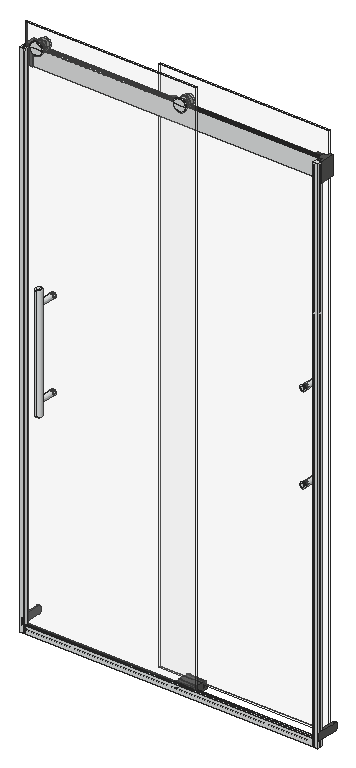
Revit family "Shower-Shower_Door-KOHLER-Levity_Plus-K-702427_1", category Specialty Equipment, host Face, Revit 2022 (continued)
Definition of nested family "K-702427"
  Dimensions and locks (in)
    locked: plane 7 to plane 9 "E" at 3.28921
    locked: plane 18 "C" to plane 9 "E" at 1.75
    locked: plane 8 to plane 20 at 0.34046
    locked: plane 19 "D" to plane 9 "E" at 25.2506
    locked: plane 6 to plane 16 at 2.02611
    locked: plane 15 to plane 5 at 1.98177
    plane 22 to level = 77.55906"
    plane 8 to plane 23 = 44.64512"
    plane 3 "Center (Left/Right)" to plane 23 = 25.79766"
    locked: plane 24 "T" to plane 9 "E" at 19.87646
    locked: plane 3 "Center (Left/Right)" to plane 23 at 25.79766
    plane 26 to level = 81.61417"
    plane 1 "Center (Front/Back)" to plane 27 = 4.98031"
    plane 27 to plane 28 = 0.4252"
    plane 27 to plane 14 = 7.08661"
    plane 14 to plane 17 = 0.44488"
    plane 30 to level = 75.66929"
    plane 31 to plane 30 = 2.55906"
    aligned and locked: plane 2 to level
    aligned and locked: plane 7 to Extrusion 5
    aligned and locked: plane 7 to Extrusion 8
    aligned and locked: plane 8 to Extrusion 18 sketch curve
    aligned and locked: plane 8 to Extrusion 19
    aligned and locked: plane 20 to Extrusion 19
    aligned and locked: plane 7 to Extrusion 20 sketch curve
    aligned and locked: plane 8 to Extrusion 20 sketch curve
    aligned and locked: plane 20 to Extrusion 22 sketch curve
    aligned and locked: Masking region 1 sketch curve to plane 8
    aligned and locked: Masking region 1 sketch curve to plane 7
    aligned and locked: plane 7 to Extrusion 31
    aligned and locked: Masking region 2 sketch curve to Extrusion 10
    aligned and locked: plane 20 to Masking region 3 sketch curve  (x2)
    aligned and locked: Masking region 3 sketch curve to Extrusion 18
    aligned and locked: plane 7 to Masking region 3 sketch curve  (x2)
    aligned and locked: plane 8 to Masking region 3 sketch curve
    aligned and locked: Extrusion 18 to Masking region 3 sketch curve
    aligned and locked: Masking region 4 sketch curve to Revolve 13
    aligned and locked: plane 20 to Masking region 4 sketch curve
    aligned and locked: Masking region 4 sketch curve to Revolve 14  (x2)
    aligned and locked: plane 7 to curve 162
    aligned and locked: curve 163 to Extrusion 18
    aligned and locked: Masking region 4 sketch curve to Extrusion 22
    aligned and locked: Masking region 4 to curve 190
    aligned and locked: curve 190 to Masking region 4
    aligned and locked: Masking region 4 to curve 192
    aligned and locked: curve 192 to Masking region 4
    aligned and locked: Extrusion 33 sketch curve to cut or joined group of Extrusion 20, Extrusion 21, Extrusion 33  (x4)
    aligned and locked: Extrusion 33 to Extrusion 24
  Automatic sketch dimensions
    Extrusion 1 sketch curve to Extrusion 1 sketch curve = 0.03079"
    Extrusion 1 sketch curve to Extrusion 1 sketch curve = 0.2541"
    Extrusion 1 sketch curve to Extrusion 1 sketch curve = 0.25668"
    Extrusion 1 sketch curve to Extrusion 1 sketch curve = 0.0315"  (x2)
    Extrusion 1 sketch curve to Extrusion 1 sketch curve = 0.60218"
    Extrusion 1 sketch curve to Extrusion 1 sketch curve = 0.03039"
    Extrusion 1 sketch curve to plane 1 "Center (Front/Back)" = 0.35413"
    Extrusion 1 sketch curve to Extrusion 1 sketch curve = 0.47171"
    Extrusion 1 sketch curve to Extrusion 1 sketch curve = 1.10192"
    Extrusion 1 sketch curve to Extrusion 1 sketch curve = 0.00743"
    Extrusion 1 sketch curve to Extrusion 1 sketch curve = 0.34229"
    plane 1 "Center (Front/Back)" to Extrusion 2 sketch curve = 0"  (x2)
    Extrusion 2 sketch curve to Extrusion 2 sketch curve = 0.04131"
    Extrusion 2 sketch curve to Extrusion 2 sketch curve = 0.09136"
    Extrusion 2 sketch curve to Extrusion 2 sketch curve = 0.19461"  (x2)
    Extrusion 2 sketch curve to Extrusion 2 sketch curve = 0.14115"  (x2)
    plane 1 "Center (Front/Back)" to Extrusion 2 sketch curve = 0.32797"
    Extrusion 2 sketch curve to Extrusion 2 sketch curve = 0.00361"  (x2)
    Extrusion 2 sketch curve to Extrusion 2 sketch curve = 0.10339"
    plane 1 "Center (Front/Back)" to Extrusion 2 sketch curve = 0.30702"
    Extrusion 2 sketch curve to Extrusion 2 sketch curve = 0.03454"  (x2)
    Extrusion 2 sketch curve to Extrusion 2 sketch curve = 0.01994"  (x2)
    Extrusion 2 sketch curve to Extrusion 2 sketch curve = 0.04271"  (x2)
    Extrusion 2 sketch curve to Extrusion 2 sketch curve = 0.06265"
    Extrusion 2 sketch curve to plane 1 "Center (Front/Back)" = 0.20982"
    Extrusion 2 sketch curve to Extrusion 2 sketch curve = 0"
    Extrusion 2 sketch curve to plane 1 "Center (Front/Back)" = 0.22464"
    Extrusion 3 sketch curve to Extrusion 3 sketch curve = 0.05752"  (x2)
    plane 1 "Center (Front/Back)" to Extrusion 3 sketch curve = 0.32797"
    Extrusion 3 sketch curve to Extrusion 3 sketch curve = 0.59999"  (x2)
    Extrusion 3 sketch curve to Extrusion 3 sketch curve = 0.00361"  (x2)
    Extrusion 3 sketch curve to Extrusion 3 sketch curve = 0.10339"
    plane 1 "Center (Front/Back)" to Extrusion 3 sketch curve = 0.30702"
    Extrusion 3 sketch curve to Extrusion 3 sketch curve = 0.05449"  (x2)
    Extrusion 3 sketch curve to plane 1 "Center (Front/Back)" = 0.22464"
    Extrusion 3 sketch curve to plane 1 "Center (Front/Back)" = 0.25253"
    plane 1 "Center (Front/Back)" to Extrusion 4 sketch curve = 0.20982"
    Extrusion 4 sketch curve to Extrusion 4 sketch curve = 0.01972"
    Extrusion 4 sketch curve to Extrusion 4 sketch curve = 0.25882"
    level to Extrusion 4 sketch curve = 1.05663"
    Extrusion 4 sketch curve to Extrusion 4 sketch curve = 0.57809"
    Extrusion 5 sketch curve to level = 0"
    Extrusion 5 sketch curve to plane 1 "Center (Front/Back)" = 0"
    plane 1 "Center (Front/Back)" to Extrusion 5 sketch curve = 0.19878"
    Extrusion 5 sketch curve to plane 1 "Center (Front/Back)" = 3/128"
    Extrusion 5 sketch curve to Extrusion 5 sketch curve = 0.04434"
    Extrusion 5 sketch curve to Extrusion 5 sketch curve = 0.04019"
    Extrusion 5 sketch curve to Extrusion 5 sketch curve = 0.07819"
    Extrusion 5 sketch curve to Extrusion 5 sketch curve = 0.0297"
    Extrusion 5 sketch curve to Extrusion 5 sketch curve = 0.02696"
    level to Extrusion 5 sketch curve = 0.07959"
    Extrusion 5 sketch curve to plane 1 "Center (Front/Back)" = 0.14319"
    Extrusion 5 sketch curve to Extrusion 5 sketch curve = 0.05652"
    Extrusion 5 sketch curve to Extrusion 5 sketch curve = 0.06857"
    Extrusion 5 sketch curve to Extrusion 5 sketch curve = 0.02971"
    Extrusion 5 sketch curve to Extrusion 5 sketch curve = 0.03753"
    Extrusion 5 sketch curve to Extrusion 5 sketch curve = 0.02998"
    Extrusion 5 sketch curve to Extrusion 5 sketch curve = 45/128"
    Extrusion 5 sketch curve to Extrusion 5 sketch curve = 0.34333"
    Extrusion 5 sketch curve to Extrusion 5 sketch curve = 0.07224"
    Extrusion 5 sketch curve to Extrusion 5 sketch curve = 0.01101"
    Extrusion 5 sketch curve to Extrusion 5 sketch curve = 15/128"
    Extrusion 5 sketch curve to Extrusion 5 sketch curve = 0.50603"
    Extrusion 5 sketch curve to Extrusion 5 sketch curve = 0.00157"
    Extrusion 5 sketch curve to Extrusion 5 sketch curve = 0.02425"
    Extrusion 5 sketch curve to Extrusion 5 sketch curve = 0.01999"
    Extrusion 5 sketch curve to Extrusion 5 sketch curve = 0.04542"
    Extrusion 5 sketch curve to Extrusion 5 sketch curve = 0.01816"
    Revolve 6 sketch curve to plane 13 = 0"  (x2)
    Revolve 6 sketch curve to plane 1 "Center (Front/Back)" = 1.79905"
    Revolve 6 sketch curve to Revolve 6 sketch curve = 0.36643"
    Revolve 6 sketch curve to Revolve 6 sketch curve = 0.18701"  (x2)
    Revolve 6 sketch curve to Revolve 6 sketch curve = 0.13646"
    Revolve 6 sketch curve to Revolve 6 sketch curve = 0.19685"  (x2)
    Revolve 6 sketch curve to Revolve 6 sketch curve = 0.35769"
    Revolve 6 sketch curve to plane 1 "Center (Front/Back)" = 0.06827"
    Revolve 6 sketch curve to plane 1 "Center (Front/Back)" = 0.02811"
    plane 1 "Center (Front/Back)" to Revolve 6 sketch curve = 0.09751"
    Revolve 6 sketch curve to Revolve 6 sketch curve = 0.04293"
    plane 13 to Revolve 6 sketch curve = 0.4638"
    plane 13 to Revolve 6 sketch curve = 0.47661"
    Revolve 6 sketch curve to Revolve 6 sketch curve = 0.05951"
    Revolve 6 sketch curve to Revolve 6 sketch curve = 0.21742"
    Revolve 6 sketch curve to Revolve 6 sketch curve = 0.26917"
    Revolve 6 sketch curve to Revolve 6 sketch curve = 0.05219"
    Revolve 6 sketch curve to Revolve 6 sketch curve = 0.23207"
    Revolve 6 sketch curve to Revolve 6 sketch curve = 0.00276"
    Revolve 6 sketch curve to Revolve 6 sketch curve = 0.04017"
    Revolve 6 sketch curve to Revolve 6 sketch curve = 0.98425"
    Revolve 6 sketch curve to Revolve 6 sketch curve = 0"
    Revolve 7 sketch curve to plane 12 = 5.51575"  (x2)
    Revolve 7 sketch curve to plane 1 "Center (Front/Back)" = 1.79905"
    Revolve 7 sketch curve to Revolve 7 sketch curve = 0.36643"
    Revolve 7 sketch curve to Revolve 7 sketch curve = 0.18701"  (x2)
    Revolve 7 sketch curve to Revolve 7 sketch curve = 0.13646"
    Revolve 7 sketch curve to Revolve 7 sketch curve = 0.19685"  (x2)
    Revolve 7 sketch curve to Revolve 7 sketch curve = 0.35769"
    Revolve 7 sketch curve to plane 1 "Center (Front/Back)" = 0.06827"
    Revolve 7 sketch curve to plane 1 "Center (Front/Back)" = 0.02811"
    plane 1 "Center (Front/Back)" to Revolve 7 sketch curve = 0.09751"
    Revolve 7 sketch curve to Revolve 7 sketch curve = 0.04293"
    Revolve 7 sketch curve to plane 12 = 5.05195"
    Revolve 7 sketch curve to plane 12 = 5.03914"
    Revolve 7 sketch curve to Revolve 7 sketch curve = 0.05951"
    Revolve 7 sketch curve to Revolve 7 sketch curve = 0.21742"
    Revolve 7 sketch curve to Revolve 7 sketch curve = 0.26917"
    Revolve 7 sketch curve to Revolve 7 sketch curve = 0.05219"
    Revolve 7 sketch curve to Revolve 7 sketch curve = 0.23207"
    Revolve 7 sketch curve to Revolve 7 sketch curve = 0.00276"
    Revolve 7 sketch curve to Revolve 7 sketch curve = 0.04017"
    Revolve 7 sketch curve to Revolve 7 sketch curve = 0.98425"
    Revolve 7 sketch curve to Revolve 7 sketch curve = 0"
    Extrusion 8 sketch curve to plane 1 "Center (Front/Back)" = 0.97838"
    Extrusion 8 sketch curve to Extrusion 8 sketch curve = 0.04771"
    Extrusion 8 sketch curve to Extrusion 8 sketch curve = 0.19946"
    Extrusion 8 sketch curve to Extrusion 8 sketch curve = 0.06749"
    Extrusion 8 sketch curve to Extrusion 8 sketch curve = 0.07625"
    Extrusion 8 sketch curve to Extrusion 8 sketch curve = 0.10945"
    Extrusion 8 sketch curve to Extrusion 8 sketch curve = 0.00724"
    Extrusion 8 sketch curve to Extrusion 8 sketch curve = 0.01781"
    Extrusion 8 sketch curve to Extrusion 8 sketch curve = 0.07472"
    Extrusion 8 sketch curve to Extrusion 8 sketch curve = 0.26709"
    Extrusion 8 sketch curve to Extrusion 8 sketch curve = 0.25238"
    Extrusion 8 sketch curve to Extrusion 8 sketch curve = 0.11432"
    Extrusion 8 sketch curve to Extrusion 8 sketch curve = 0.167"
    Extrusion 8 sketch curve to Extrusion 8 sketch curve = 0.38221"
    Extrusion 8 sketch curve to Extrusion 8 sketch curve = 0.02708"
    Extrusion 8 sketch curve to Extrusion 8 sketch curve = 0.03426"
    Extrusion 8 sketch curve to Extrusion 8 sketch curve = 0.04358"
    Extrusion 8 sketch curve to Extrusion 8 sketch curve = 0.05805"
    Extrusion 8 sketch curve to Extrusion 8 sketch curve = 0.04965"
    Extrusion 8 sketch curve to Extrusion 8 sketch curve = 0.03062"
    Extrusion 8 sketch curve to Extrusion 8 sketch curve = 0.27127"
    Extrusion 8 sketch curve to Extrusion 8 sketch curve = 0.01337"
    Extrusion 8 sketch curve to Extrusion 8 sketch curve = 1/8"
    Extrusion 8 sketch curve to Extrusion 8 sketch curve = 0.62317"
    Extrusion 8 sketch curve to Extrusion 8 sketch curve = 0.09894"
    Extrusion 8 sketch curve to Extrusion 8 sketch curve = 0.11003"
    Extrusion 8 sketch curve to Extrusion 8 sketch curve = 0.06863"
    Extrusion 8 sketch curve to Extrusion 8 sketch curve = 0.04403"
    Extrusion 8 sketch curve to Extrusion 8 sketch curve = 0.07343"
    Extrusion 8 sketch curve to Extrusion 8 sketch curve = 0.06223"
    Extrusion 10 sketch curve to level = 0"
    Extrusion 10 sketch curve to plane 1 "Center (Front/Back)" = 0.30693"
    Extrusion 10 sketch curve to Extrusion 10 sketch curve = 0.16911"
    Extrusion 10 sketch curve to Extrusion 10 sketch curve = 0.03435"
    Extrusion 10 sketch curve to Extrusion 10 sketch curve = 0.04675"
    Extrusion 10 sketch curve to Extrusion 10 sketch curve = 0.27567"
    Extrusion 10 sketch curve to Extrusion 10 sketch curve = 0.02104"  (x2)
    level to Extrusion 10 sketch curve = 0.22974"  (x2)
    Extrusion 10 sketch curve to Extrusion 10 sketch curve = 0.10752"
    Extrusion 10 sketch curve to Extrusion 10 sketch curve = 0.08964"  (x2)
    Extrusion 10 sketch curve to Extrusion 10 sketch curve = 0.18469"  (x2)
    level to Extrusion 10 sketch curve = 0.22333"  (x2)
    Extrusion 10 sketch curve to Extrusion 10 sketch curve = 0.08608"  (x2)
    Extrusion 10 sketch curve to plane 1 "Center (Front/Back)" = 0.99117"
    Extrusion 10 sketch curve to Extrusion 10 sketch curve = 0.41665"  (x2)
    Extrusion 10 sketch curve to Extrusion 10 sketch curve = 0.04608"  (x2)
    Extrusion 10 sketch curve to Extrusion 10 sketch curve = 1.03242"
    level to Extrusion 10 sketch curve = 1.02412"
    Extrusion 10 sketch curve to Extrusion 10 sketch curve = 0.04197"
    Extrusion 10 sketch curve to Extrusion 10 sketch curve = 0.13366"
    level to Extrusion 10 sketch curve = 1.04611"
    Extrusion 10 sketch curve to Extrusion 10 sketch curve = 0.02291"
    Extrusion 10 sketch curve to Extrusion 10 sketch curve = 0.2467"
    level to Extrusion 10 sketch curve = 0.08994"
    Extrusion 10 sketch curve to Extrusion 10 sketch curve = 0.03772"
    Extrusion 10 sketch curve to Extrusion 10 sketch curve = 0.08809"
    Extrusion 10 sketch curve to Extrusion 10 sketch curve = 0.08169"
    Extrusion 10 sketch curve to Extrusion 10 sketch curve = 0.79837"
    Extrusion 10 sketch curve to Extrusion 10 sketch curve = 0.00241"
    Extrusion 10 sketch curve to Extrusion 10 sketch curve = 0.0012"
    Extrusion 10 sketch curve to Extrusion 10 sketch curve = 0.02268"
    Extrusion 10 sketch curve to Extrusion 10 sketch curve = 0.02105"
    Extrusion 10 sketch curve to Extrusion 10 sketch curve = 0.00037"
    Extrusion 10 sketch curve to Extrusion 10 sketch curve = 1.18136"
    plane 15 to Revolve 11 sketch curve = 0"  (x2)
    Revolve 11 sketch curve to plane 17 = 0.174"
    Revolve 11 sketch curve to plane 1 "Center (Front/Back)" = 0.4133"
    Revolve 11 sketch curve to Revolve 11 sketch curve = 0.34891"
    Revolve 11 sketch curve to Revolve 11 sketch curve = 0.03514"
    Revolve 11 sketch curve to Revolve 11 sketch curve = 0.19072"
    Revolve 11 sketch curve to Revolve 11 sketch curve = 0.03275"
    Revolve 11 sketch curve to plane 15 = 1/4"
    Revolve 11 sketch curve to Revolve 11 sketch curve = 0.11446"
    Revolve 11 sketch curve to Revolve 11 sketch curve = 1/8"
    plane 14 to Revolve 11 sketch curve = 35/128"
    Revolve 11 sketch curve to Revolve 11 sketch curve = 0.51073"
    Revolve 12 sketch curve to plane 14 = 0"
    Revolve 12 sketch curve to plane 5 = 0"
    Revolve 12 sketch curve to plane 6 = 0"
    Revolve 12 sketch curve to plane 17 = 0"  (x2)
    Revolve 12 sketch curve to plane 14 = 0.04993"
    Revolve 12 sketch curve to plane 14 = 0.05514"
    plane 5 to Revolve 12 sketch curve = 0.04993"
    Revolve 12 sketch curve to plane 6 = 0.05514"
    plane 6 to Revolve 12 sketch curve = 0.28607"
    Revolve 12 sketch curve to Revolve 12 sketch curve = 0.3937"
    Revolve 14 sketch curve to Revolve 14 sketch curve = 0.05802"
    Revolve 14 sketch curve to Revolve 14 sketch curve = 0.12991"
    Revolve 14 sketch curve to Revolve 14 sketch curve = 0.23375"
    Revolve 14 sketch curve to Revolve 14 sketch curve = 0.00086"
    Revolve 14 sketch curve to Revolve 14 sketch curve = 0.04165"  (x2)
    Revolve 14 sketch curve to Revolve 14 sketch curve = 0.04078"
    Revolve 14 sketch curve to Revolve 14 sketch curve = 0.12631"
    Revolve 14 sketch curve to Revolve 14 sketch curve = 0.29364"
    Revolve 14 sketch curve to Revolve 14 sketch curve = 0.3614"
    Revolve 14 sketch curve to Revolve 14 sketch curve = 0.25664"
    Revolve 14 sketch curve to Revolve 14 sketch curve = 0.3937"
    Revolve 14 sketch curve to Revolve 14 sketch curve = 0.50511"
    plane 16 to Revolve 15 sketch curve = 0"  (x2)
    Revolve 15 sketch curve to plane 16 = 1/4"
    Revolve 15 sketch curve to Revolve 15 sketch curve = 0.11446"
    Revolve 15 sketch curve to Revolve 15 sketch curve = 0.00238"
    Revolve 15 sketch curve to Revolve 15 sketch curve = 1/8"
    Revolve 15 sketch curve to Revolve 15 sketch curve = 0.03514"
    Revolve 15 sketch curve to Revolve 15 sketch curve = 0.34891"
    Revolve 15 sketch curve to Revolve 15 sketch curve = 0.19072"
    Revolve 15 sketch curve to Revolve 15 sketch curve = 0.51073"
    plane 15 to Revolve 16 sketch curve = 0"  (x2)
    Revolve 16 sketch curve to plane 15 = 1/4"
    Revolve 16 sketch curve to Revolve 16 sketch curve = 0.11446"
    Revolve 16 sketch curve to Revolve 16 sketch curve = 0.00238"
    Revolve 16 sketch curve to Revolve 16 sketch curve = 1/8"
    Revolve 16 sketch curve to Revolve 16 sketch curve = 0.03514"
    Revolve 16 sketch curve to Revolve 16 sketch curve = 0.3477"
    Revolve 16 sketch curve to Revolve 16 sketch curve = 0.19072"
    Revolve 16 sketch curve to Revolve 16 sketch curve = 0.51073"
    plane 1 "Center (Front/Back)" to Extrusion 19 sketch curve = 0.23901"
    Extrusion 19 sketch curve to Extrusion 19 sketch curve = 0.01972"
    Extrusion 19 sketch curve to Extrusion 19 sketch curve = 0.25882"
    level to Extrusion 19 sketch curve = 2.13263"
    Extrusion 19 sketch curve to Extrusion 19 sketch curve = 0.57809"
    plane 16 to Revolve 23 sketch curve = 0"  (x2)
    Revolve 23 sketch curve to plane 17 = 0.174"
    Revolve 23 sketch curve to plane 1 "Center (Front/Back)" = 0.4133"
    Revolve 23 sketch curve to Revolve 23 sketch curve = 0.34891"
    Revolve 23 sketch curve to Revolve 23 sketch curve = 0.03514"
    Revolve 23 sketch curve to Revolve 23 sketch curve = 0.19072"
    Revolve 23 sketch curve to Revolve 23 sketch curve = 0.03275"
    Revolve 23 sketch curve to plane 16 = 1/4"
    Revolve 23 sketch curve to Revolve 23 sketch curve = 0.11446"
    Revolve 23 sketch curve to Revolve 23 sketch curve = 1/8"
    plane 14 to Revolve 23 sketch curve = 35/128"
    Revolve 23 sketch curve to Revolve 23 sketch curve = 0.51073"
    Extrusion 24 sketch curve to plane 1 "Center (Front/Back)" = 0.32797"
    plane 1 "Center (Front/Back)" to Extrusion 24 sketch curve = 0.32797"
    Extrusion 24 sketch curve to Extrusion 24 sketch curve = 0.76451"
    Revolve 25 sketch curve to plane 12 = 5.51575"  (x2)
    Revolve 25 sketch curve to Revolve 25 sketch curve = 0.19685"  (x2)
    Revolve 25 sketch curve to Revolve 25 sketch curve = 0.13646"
    Revolve 25 sketch curve to Revolve 25 sketch curve = 0.37402"
    Revolve 25 sketch curve to Revolve 25 sketch curve = 0.36643"
    Revolve 25 sketch curve to plane 1 "Center (Front/Back)" = 0.06827"
    plane 1 "Center (Front/Back)" to Revolve 25 sketch curve = 0.14044"
    Revolve 25 sketch curve to plane 12 = 4.97963"
    Revolve 25 sketch curve to Revolve 25 sketch curve = 0.12453"
    Revolve 25 sketch curve to Revolve 25 sketch curve = 0.15792"
    Revolve 25 sketch curve to Revolve 25 sketch curve = 0.07232"
    Revolve 25 sketch curve to Revolve 25 sketch curve = 0.05219"
    Revolve 25 sketch curve to Revolve 25 sketch curve = 0.275"
    Revolve 25 sketch curve to Revolve 25 sketch curve = 0.31118"
    Revolve 26 sketch curve to plane 13 = 0"  (x2)
    Revolve 26 sketch curve to plane 1 "Center (Front/Back)" = 1.79905"
    Revolve 26 sketch curve to Revolve 26 sketch curve = 0.36643"
    Revolve 26 sketch curve to Revolve 26 sketch curve = 0.37402"
    Revolve 26 sketch curve to Revolve 26 sketch curve = 0.13646"
    Revolve 26 sketch curve to Revolve 26 sketch curve = 0.19685"  (x2)
    Revolve 26 sketch curve to plane 1 "Center (Front/Back)" = 0.06827"
    plane 1 "Center (Front/Back)" to Revolve 26 sketch curve = 0.14044"
    plane 13 to Revolve 26 sketch curve = 0.53612"
    Revolve 26 sketch curve to Revolve 26 sketch curve = 0.12453"
    Revolve 26 sketch curve to Revolve 26 sketch curve = 0.15792"
    Revolve 26 sketch curve to Revolve 26 sketch curve = 0.07232"
    Revolve 26 sketch curve to Revolve 26 sketch curve = 0.05219"
    Revolve 26 sketch curve to Revolve 26 sketch curve = 0.275"
    Revolve 26 sketch curve to Revolve 26 sketch curve = 0.31118"
    Extrusion 27 sketch curve to plane 10 "B" = 0"  (x2)
    Extrusion 27 sketch curve to plane 15 = 0"
    Extrusion 27 sketch curve to plane 16 = 0"
    plane 10 "B" to Extrusion 28 sketch curve = 0"
    plane 17 to Extrusion 28 sketch curve = 0"
    Revolve 17 sketch curve to plane 5 = 0"
    Revolve 17 sketch curve to plane 6 = 0"
    plane 5 to Revolve 17 sketch curve = 0.03117"
    Revolve 17 sketch curve to plane 6 = 0.03637"
    plane 6 to Revolve 17 sketch curve = 0.28607"
    Revolve 17 sketch curve to Revolve 17 sketch curve = 0.3937"  (x2)
    plane 16 to Revolve 29 sketch curve = 0"  (x2)
    Revolve 29 sketch curve to plane 16 = 3/8"
    Revolve 29 sketch curve to plane 1 "Center (Front/Back)" = 1.87284"
    Revolve 29 sketch curve to Revolve 29 sketch curve = 1.1811"  (x2)
    plane 15 to Revolve 30 sketch curve = 0"  (x2)
    Revolve 30 sketch curve to plane 15 = 3/8"
    Revolve 30 sketch curve to plane 1 "Center (Front/Back)" = 1.87284"
    Revolve 30 sketch curve to Revolve 30 sketch curve = 1.1811"  (x2)
    Extrusion 31 sketch curve to plane 1 "Center (Front/Back)" = 0.97838"
    Extrusion 31 sketch curve to Extrusion 31 sketch curve = 0.94794"
    Revolve 32 sketch curve to plane 5 = 0"
    Revolve 32 sketch curve to plane 6 = 0"
    Revolve 32 sketch curve to Revolve 32 sketch curve = 0.69979"
    Revolve 32 sketch curve to Revolve 32 sketch curve = 0.59055"
    Revolve 13 sketch curve to Revolve 13 sketch curve = 0.04078"  (x2)
    Revolve 13 sketch curve to Revolve 13 sketch curve = 0.12631"
    Revolve 13 sketch curve to Revolve 13 sketch curve = 0.04165"
    Revolve 13 sketch curve to Revolve 13 sketch curve = 0.29364"
    Revolve 13 sketch curve to Revolve 13 sketch curve = 0.3614"
    Revolve 13 sketch curve to Revolve 13 sketch curve = 0.25664"
    Revolve 13 sketch curve to Revolve 13 sketch curve = 0.05802"
    Revolve 13 sketch curve to Revolve 13 sketch curve = 0.12991"
    Revolve 13 sketch curve to Revolve 13 sketch curve = 0.3937"
    Revolve 13 sketch curve to Revolve 13 sketch curve = 0.50511"
    Extrusion 1 sketch curve to plane 23 = 0"
    plane 23 to Extrusion 1 sketch curve = 0.0315"
    plane 23 to Extrusion 1 sketch curve = 81/256"
    Extrusion 2 sketch curve to plane 23 = 0"  (x2)
    plane 23 to Extrusion 2 sketch curve = 0.05752"  (x2)
    plane 23 to Extrusion 2 sketch curve = 0.18908"
    Extrusion 3 sketch curve to plane 23 = 0"
    Extrusion 24 sketch curve to plane 23 = 0"
    Extrusion 18 sketch curve to plane 25 = 1.83498"
    Extrusion 18 sketch curve to Extrusion 18 sketch curve = 0.10187"
    Extrusion 18 sketch curve to plane 20 = 0.03713"
    Extrusion 18 sketch curve to Extrusion 18 sketch curve = 0.20309"
    plane 20 to Extrusion 18 sketch curve = 0.05161"
    Extrusion 18 sketch curve to Extrusion 18 sketch curve = 0.06158"
    Extrusion 18 sketch curve to plane 25 = 51/128"
    Extrusion 18 sketch curve to Extrusion 18 sketch curve = 0.06723"
    plane 20 to Extrusion 18 sketch curve = 0.01208"
    Extrusion 18 sketch curve to Extrusion 18 sketch curve = 0.06013"
    plane 25 to Extrusion 18 sketch curve = 0.19477"
    Extrusion 18 sketch curve to plane 20 = 0.03488"
    Extrusion 18 sketch curve to plane 7 = 0.14544"
    Extrusion 20 sketch curve to plane 8 = 0"
    plane 25 to Extrusion 20 sketch curve = 0.24174"
    Extrusion 20 sketch curve to Extrusion 20 sketch curve = 0.07874"  (x2)
    plane 1 "Center (Front/Back)" to Extrusion 20 sketch curve = 0.23901"
    plane 7 to Extrusion 20 sketch curve = 0.07874"
    Extrusion 21 sketch curve to plane 7 = 0"
    Extrusion 21 sketch curve to plane 8 = 0"
    plane 1 "Center (Front/Back)" to Extrusion 21 sketch curve = 0.31775"
    plane 25 to Extrusion 21 sketch curve = 0.24174"
    Masking region 1 sketch curve to plane 23 = 0"
    plane 4 to Masking region 1 sketch curve = 4.05512"
    Masking region 1 sketch curve to level = 0"
    Masking region 1 sketch curve to plane 20 = 0"
    plane 23 to Masking region 1 sketch curve = 0.32149"
    plane 23 to Masking region 1 sketch curve = 0.32175"
    level to Masking region 1 sketch curve = 0.07959"
    level to Masking region 1 sketch curve = 0.08036"
    Masking region 4 sketch curve to plane 24 "T" = 0"
    Masking region 4 sketch curve to plane 18 "C" = 0"
    Masking region 4 sketch curve to Masking region 4 sketch curve = 0.04087"  (x4)
    Masking region 4 sketch curve to plane 7 = 0.59954"
    Masking region 4 sketch curve to Masking region 4 sketch curve = 0.04088"  (x4)
    Masking region 4 sketch curve to Masking region 4 sketch curve = 0.12612"  (x2)
    Masking region 4 sketch curve to Masking region 4 sketch curve = 0.12614"
    Masking region 4 sketch curve to Masking region 4 sketch curve = 0.04173"  (x3)
    Masking region 4 sketch curve to Masking region 4 sketch curve = 0.04175"  (x3)
    Masking region 4 sketch curve to plane 7 = 0.64127"
    Masking region 4 sketch curve to Masking region 4 sketch curve = 0.28167"  (x2)
    Masking region 4 sketch curve to Masking region 4 sketch curve = 0.0348"  (x5)
    Masking region 4 sketch curve to Masking region 4 sketch curve = 0.20018"
    Masking region 4 sketch curve to Masking region 4 sketch curve = 0.23498"  (x3)
    plane 24 "T" to Masking region 4 sketch curve = 0.93969"
    Masking region 4 sketch curve to Masking region 4 sketch curve = 0.23375"  (x2)
    Masking region 4 sketch curve to Masking region 4 sketch curve = 0.00086"
    Masking region 4 sketch curve to Masking region 4 sketch curve = 0.43532"
    Masking region 4 sketch curve to Masking region 4 sketch curve = 0.61147"
    Masking region 4 sketch curve to Masking region 4 sketch curve = 0.07448"  (x2)
    plane 4 to Masking region 1 sketch curve = 0.83192"
    Revolve 15 sketch curve to plane 25 = 1.91184"
    Revolve 16 sketch curve to plane 25 = 1.91063"
    Revolve 17 sketch curve to Revolve 17 sketch curve = 0"
    Revolve 32 sketch curve to Revolve 32 sketch curve = 0.42487"
    Masking region 4 sketch curve to plane 9 "E" = 3/8"
    plane 9 "E" to Masking region 4 sketch curve = 3/8"
    Extrusion 4 sketch curve to plane 25 = 2.3477"
    Revolve 13 sketch curve to plane 25 = 2.46241"
    Revolve 14 sketch curve to plane 25 = 2.46241"
    Revolve 15 sketch curve to Revolve 15 sketch curve = 2.00414"
    Revolve 15 sketch curve to Revolve 15 sketch curve = 0.70992"
    Revolve 16 sketch curve to Revolve 16 sketch curve = 2.00534"
    Revolve 16 sketch curve to Revolve 16 sketch curve = 0.70992"
    Revolve 17 sketch curve to plane 25 = 4.41068"
    Revolve 17 sketch curve to Revolve 17 sketch curve = 0.03117"
    Revolve 17 sketch curve to Revolve 17 sketch curve = 0.03637"
    Extrusion 19 sketch curve to plane 25 = 2.3477"
    Revolve 29 sketch curve to Revolve 29 sketch curve = 2.60409"
    Revolve 30 sketch curve to Revolve 30 sketch curve = 2.60409"
    Revolve 32 sketch curve to plane 25 = 4.41101"
    Revolve 32 sketch curve to Revolve 32 sketch curve = 0"
    Extrusion 9 sketch curve to plane 25 = 0.08687"  (x2)
    Extrusion 9 sketch curve to Extrusion 9 sketch curve = 1/16"  (x5)
    plane 23 to Extrusion 9 sketch curve = 0.33258"
    Extrusion 9 sketch curve to plane 3 "Center (Left/Right)" = 0.02758"  (x2)
    plane 25 to Extrusion 9 sketch curve = 0.16813"
    plane 3 "Center (Left/Right)" to Extrusion 9 sketch curve = 0.03492"
    Revolve 25 sketch curve to plane 25 = 0.156"
    Extrusion 22 sketch curve to plane 25 = 1.972"
    Extrusion 22 sketch curve to Extrusion 22 sketch curve = 0.06137"  (x2)
    Extrusion 22 sketch curve to Extrusion 22 sketch curve = 0.04813"  (x2)
    plane 24 "T" to Extrusion 22 sketch curve = 1.8219"
    Extrusion 22 sketch curve to Extrusion 22 sketch curve = 1/16"  (x2)
    plane 20 to Extrusion 22 sketch curve = 0.04813"  (x2)
    Extrusion 22 sketch curve to Extrusion 22 sketch curve = 0.25613"
    Extrusion 8 sketch curve to Extrusion 8 sketch curve = 0.01983"
    Extrusion 8 sketch curve to plane 4 = 0.08681"
    Extrusion 8 sketch curve to Extrusion 8 sketch curve = 0.22281"
    Extrusion 8 sketch curve to Extrusion 8 sketch curve = 0.05988"
    Extrusion 8 sketch curve to Extrusion 8 sketch curve = 0.08881"
    plane 4 to Revolve 13 sketch curve = 0.00953"
    plane 4 to Revolve 13 sketch curve = 0.01039"
    plane 11 "A" to Masking region 1 sketch curve = 0.41455"
    plane 4 to Extrusion 31 sketch curve = 0.59055"
    Extrusion 8 sketch curve to Extrusion 8 sketch curve = 0.06732"
    Extrusion 8 sketch curve to Extrusion 8 sketch curve = 1.45984"
    Extrusion 8 sketch curve to Extrusion 8 sketch curve = 0.04204"
    Extrusion 31 sketch curve to plane 4 = 1.9685"
    Revolve 13 sketch curve to plane 4 = 39/256"
    Revolve 13 sketch curve to Revolve 13 sketch curve = 0.66419"
    Revolve 13 sketch curve to plane 4 = 0.88841"
    plane 4 to Revolve 14 sketch curve = 0.05118"
    Revolve 14 sketch curve to Revolve 14 sketch curve = 0.66419"
    Revolve 14 sketch curve to Revolve 14 sketch curve = 0"
    curve 50 to curve 51 = 0"  (x2)
    curve 52 to curve 53 = 0"  (x2)
    curve 50 to plane 11 "A" = 0"
    curve 57 to plane 5 = 0"
    curve 55 to plane 6 = 0"
    curve 54 to plane 10 "B" = 0"
    curve 58 to plane 10 "B" = 0"
    curve 67 to plane 10 "B" = 0"
    curve 59 to plane 10 "B" = 0"
    curve 52 to plane 11 "A" = 0"
    plane 13 to curve 52 = 0"
    curve 72 to plane 3 "Center (Left/Right)" = 0"
    curve 74 to plane 9 "E" = 0"
    curve 73 to plane 9 "E" = 0"
    curve 71 to plane 30 = 0"
    curve 183 to plane 7 = 0"
    curve 182 to plane 8 = 0"
    curve 68 to level = 0"
    curve 74 to plane 15 = 0"
    curve 73 to plane 16 = 0"
    curve 68 to plane 26 = 0"
    curve 60 to curve 60 = 0.38922"
    curve 58 to curve 58 = 0.39395"
    curve 55 to plane 6 = 0.05514"
    curve 55 to curve 55 = 0.05514"
    curve 51 to plane 10 "B" = 1.6511"
    level to curve 48 = 0.08036"
    plane 23 to curve 48 = 0.76451"
    plane 10 "B" to curve 67 = 0.38922"
    plane 10 "B" to curve 64 = 0.39395"
    plane 5 to curve 64 = 0.05041"
    curve 64 to curve 64 = 0.05041"
    curve 69 to curve 183 = 0.21268"
    curve 183 to plane 30 = 0.15249"
    plane 11 "A" to curve 69 = 0.4295"
    plane 11 "A" to curve 46 = 0.41455"
    plane 23 to curve 48 = 0.32175"
    plane 23 to curve 46 = 0.32149"
    level to curve 70 = 0.07959"
    curve 70 to curve 49 = 0.96744"
    plane 4 to curve 72 = 0.66929"
    Masking region 3 sketch curve to Masking region 3 sketch curve = 0"  (x3)
    Masking region 3 sketch curve to plane 23 = 0"
    plane 25 to Masking region 3 sketch curve = 0"
    Masking region 3 sketch curve to plane 10 "B" = 0"
    plane 17 to Masking region 3 sketch curve = 0"
    plane 14 to Masking region 3 sketch curve = 0"
    Masking region 3 sketch curve to plane 25 = 0.08687"  (x2)
    Masking region 3 sketch curve to Masking region 3 sketch curve = 1/16"  (x2)
    Masking region 3 sketch curve to plane 25 = 0.14937"
    Masking region 3 sketch curve to Masking region 3 sketch curve = 0.03466"  (x2)
    Masking region 3 sketch curve to plane 25 = 0.26873"
    Masking region 3 sketch curve to Masking region 3 sketch curve = 0.13867"
    Masking region 3 sketch curve to Masking region 3 sketch curve = 0.0315"
    plane 20 to Masking region 3 sketch curve = 0.06248"
    Masking region 3 sketch curve to Masking region 3 sketch curve = 0.03039"
    Masking region 3 sketch curve to plane 25 = 0.35285"
    Masking region 3 sketch curve to Masking region 3 sketch curve = 0.1815"  (x2)
    Masking region 3 sketch curve to Masking region 3 sketch curve = 0.05915"
    Masking region 3 sketch curve to Masking region 3 sketch curve = 0.25971"
    Masking region 3 sketch curve to plane 3 "Center (Left/Right)" = 0.34077"  (x2)
    Masking region 3 sketch curve to Masking region 3 sketch curve = 0.94794"  (x2)
    Masking region 3 sketch curve to Masking region 3 sketch curve = 0.08427"
    Masking region 3 sketch curve to Masking region 3 sketch curve = 0.09483"
    plane 23 to Masking region 3 sketch curve = 0.31967"  (x2)
    Masking region 3 sketch curve to Masking region 3 sketch curve = 0.0074"
    plane 20 to Masking region 3 sketch curve = 0.05343"
    Masking region 3 sketch curve to Masking region 3 sketch curve = 0.86763"
    Masking region 3 sketch curve to Masking region 3 sketch curve = 1.14727"
    Masking region 3 sketch curve to Masking region 3 sketch curve = 1.11181"
    plane 25 to Masking region 3 sketch curve = 0.24174"
    plane 1 "Center (Front/Back)" to Masking region 3 sketch curve = 0.19878"  (x2)
    plane 1 "Center (Front/Back)" to Masking region 3 sketch curve = 0.31775"
    plane 1 "Center (Front/Back)" to Masking region 3 sketch curve = 0.32797"
    Masking region 3 sketch curve to plane 17 = 0.23704"  (x2)
    Masking region 3 sketch curve to Masking region 3 sketch curve = 0.01291"
    Masking region 3 sketch curve to Masking region 3 sketch curve = 0.43193"
    Masking region 3 sketch curve to Masking region 3 sketch curve = 0.55827"
    Masking region 3 sketch curve to Masking region 3 sketch curve = 85/128"
    Masking region 3 sketch curve to Masking region 3 sketch curve = 0.59804"
    Masking region 3 sketch curve to Masking region 3 sketch curve = 0.19685"  (x2)
    Masking region 3 sketch curve to Masking region 3 sketch curve = 1.07224"
    Masking region 3 sketch curve to plane 10 "B" = 0.39927"
    Masking region 3 sketch curve to Masking region 3 sketch curve = 0.11461"  (x2)
    plane 13 to Masking region 3 sketch curve = 1.12161"
    Masking region 3 sketch curve to plane 25 = 0.03546"
    Masking region 3 sketch curve to plane 3 "Center (Left/Right)" = 0.02758"
    Masking region 3 sketch curve to Masking region 3 sketch curve = 0.05623"
    Masking region 3 sketch curve to Masking region 3 sketch curve = 0.04354"  (x2)
    Masking region 3 sketch curve to plane 25 = 0.40908"
    plane 10 "B" to Masking region 3 sketch curve = 1/4"
    plane 3 "Center (Left/Right)" to Masking region 3 sketch curve = 0.03492"
    plane 25 to Masking region 3 sketch curve = 0.01021"
    Masking region 4 sketch curve to Masking region 4 sketch curve = 0.25613"
    Masking region 4 sketch curve to Masking region 4 sketch curve = 1/16"  (x2)
    Masking region 4 sketch curve to Masking region 4 sketch curve = 0.06137"  (x2)
    plane 20 to Masking region 4 sketch curve = 0.04813"  (x2)
    Masking region 4 sketch curve to Masking region 4 sketch curve = 0.0719"  (x2)
    plane 24 "T" to Masking region 4 sketch curve = 0.66419"
    Masking region 4 sketch curve to plane 24 "T" = 0.66419"
    Masking region 4 sketch curve to plane 9 "E" = 0.36505"
    Masking region 4 sketch curve to Masking region 4 sketch curve = 0"  (x5)
    Masking region 4 sketch curve to plane 9 "E" = 0"
    Masking region 4 sketch curve to plane 27 = 0"
    plane 28 to Masking region 4 sketch curve = 0.00033"
    plane 9 "E" to Masking region 4 sketch curve = 0.36505"  (x2)
    Masking region 4 sketch curve to Masking region 4 sketch curve = 0.04813"  (x2)
    curve 175 to plane 9 "E" = 0"
    curve 165 to plane 8 = 0"
    curve 80 to plane 23 = 0"
    curve 166 to plane 20 = 0"
    curve 181 to plane 20 = 0"
    plane 25 to curve 187 = 0"
    curve 180 to plane 8 = 0"
    curve 84 to plane 23 = 0"
    curve 184 to plane 23 = 0"
    curve 164 to plane 20 = 0"
    curve 164 to plane 8 = 0"
    curve 120 to plane 10 "B" = 0"
    curve 119 to plane 10 "B" = 0"
    plane 17 to curve 119 = 0"
    curve 175 to curve 174 = 0.0009"
    curve 165 to plane 20 = 0.10187"
    curve 165 to plane 25 = 1.83498"
    plane 23 to curve 79 = 0.28489"
    curve 79 to plane 25 = 1.83307"
    curve 79 to curve 80 = 0.03079"
    curve 79 to curve 81 = 0.03504"
    curve 149 to plane 25 = 1.22975"
    curve 113 to plane 25 = 1.22975"
    curve 107 to curve 108 = 0.36643"
    curve 143 to curve 144 = 0.36643"
    curve 113 to curve 115 = 0.18701"
    curve 110 to curve 112 = 0.18701"
    curve 149 to curve 148 = 0.18701"
    curve 151 to curve 152 = 0.18701"
    curve 112 to curve 109 = 0.18701"
    curve 148 to curve 145 = 0.18701"
    curve 145 to curve 146 = 0.13646"
    curve 181 to plane 25 = 0.02302"
    plane 25 to curve 180 = 0.07886"
    plane 3 "Center (Left/Right)" to curve 188 = 0.03492"
    plane 25 to curve 188 = 0.16813"
    curve 187 to curve 186 = 0.16813"
    plane 23 to curve 84 = 0.0315"
    plane 25 to curve 84 = 0.18367"
    curve 86 to curve 83 = 0.02992"
    curve 85 to curve 185 = 0.04538"
    plane 25 to curve 184 = 0.24134"
    curve 133 to plane 1 "Center (Front/Back)" = 0.06827"
    curve 90 to plane 1 "Center (Front/Back)" = 0.06827"
    curve 135 to plane 1 "Center (Front/Back)" = 0.02811"
    curve 89 to plane 1 "Center (Front/Back)" = 0.02811"
    plane 1 "Center (Front/Back)" to curve 88 = 0.09751"
    plane 1 "Center (Front/Back)" to curve 138 = 0.09751"
    curve 88 to curve 87 = 0.04293"  (x2)
    curve 131 to curve 138 = 0.04293"
    curve 120 to plane 17 = 0.02419"
    curve 84 to curve 86 = 0.25826"
    curve 85 to curve 187 = 0.01291"
    curve 85 to curve 186 = 0.07541"
    curve 185 to curve 184 = 0.36943"
    curve 82 to curve 88 = 0.61459"
    curve 89 to curve 94 = 0.04017"
    curve 90 to curve 109 = 0.14926"
    curve 112 to curve 107 = 0.05219"
    curve 110 to curve 112 = 0.2397"
    curve 112 to curve 115 = 0.90867"
    curve 115 to curve 113 = 0.2397"
    curve 113 to curve 108 = 0.05219"
    curve 87 to plane 10 "B" = 0.75838"
    curve 87 to curve 90 = 0.00276"
    curve 87 to curve 100 = 0.04293"
    plane 13 to curve 135 = 0.93565"
    curve 132 to curve 136 = 0.04017"
    curve 131 to curve 130 = 0.04293"
    plane 13 to curve 144 = 0.74622"
    curve 145 to curve 147 = 0.01326"
    curve 148 to curve 149 = 0.05219"
    curve 149 to curve 148 = 0.22848"
    curve 152 to plane 13 = 0.47488"
    curve 152 to curve 143 = 0.21916"
    curve 152 to curve 154 = 0.25809"
    curve 146 to curve 145 = 0.01326"
    curve 154 to curve 130 = 0.15976"
    curve 130 to curve 133 = 0.00276"
    curve 133 to curve 139 = 0.04017"
    curve 185 to plane 3 "Center (Left/Right)" = 0.02758"
    curve 175 to plane 28 = 0.19939"  (x2)
    curve 175 to curve 177 = 1.36488"
    curve 171 to plane 28 = 1.56429"
    curve 171 to curve 172 = 0.12612"
    curve 177 to curve 178 = 0.12614"
    curve 172 to curve 170 = 0.04175"
    curve 178 to curve 176 = 0.04173"
    curve 167 to curve 143 = 0.76247"
    curve 178 to curve 173 = 0.3234"
    curve 170 to curve 190 = 0.28167"
    curve 176 to curve 192 = 0.28167"
    curve 81 to curve 81 = 0.00425"
    curve 190 to curve 169 = 0.38"
    curve 192 to curve 179 = 0.38"
    curve 173 to curve 191 = 0.38"
    curve 167 to curve 168 = 0.46273"
    curve 179 to curve 163 = 0.2123"
    curve 168 to curve 129 = 0.17248"
    curve 95 to curve 107 = 0.12726"
    curve 107 to curve 155 = 0.09154"
    curve 143 to curve 121 = 0.09154"
    curve 107 to curve 125 = 0.09243"
    curve 128 to curve 149 = 0.01474"
    curve 121 to curve 156 = 0.26015"
    curve 122 to curve 110 = 0.01474"
    curve 156 to curve 157 = 0.20199"
    curve 126 to curve 115 = 0.18677"
    curve 122 to curve 123 = 0.20199"
    curve 150 to curve 127 = 0.01269"
    curve 157 to curve 158 = 0.19946"
    curve 111 to curve 124 = 0.01269"
    curve 106 to plane 25 = 0.40908"
    curve 124 to curve 111 = 0.06754"
    curve 127 to curve 114 = 0.06754"
    curve 124 to curve 95 = 0.06754"
    curve 159 to curve 150 = 0.05617"
    curve 160 to curve 153 = 0.05617"
    curve 158 to curve 163 = 0.07817"
    curve 114 to curve 97 = 0.05623"
    curve 105 to plane 25 = 0.19291"
    curve 147 to plane 25 = 0.14937"
    curve 105 to curve 104 = 0.04354"
    curve 96 to plane 25 = 0.14937"
    curve 85 to plane 25 = 0.03618"
    plane 25 to curve 188 = 0.01021"
    plane 25 to curve 162 = 0.12598"
    curve 180 to curve 164 = 0.16289"
    curve 103 to curve 118 = 0.13696"
    curve 117 to curve 98 = 0.1274"
    curve 82 to curve 116 = 0.13229"
    curve 161 to plane 1 "Center (Front/Back)" = 0.19567"
    plane 1 "Center (Front/Back)" to curve 103 = 0.19878"
    plane 1 "Center (Front/Back)" to curve 162 = 0.19878"
    plane 1 "Center (Front/Back)" to curve 82 = 0.19878"
    plane 1 "Center (Front/Back)" to curve 102 = 0.19878"
    curve 120 to plane 17 = 0.23704"  (x2)
    curve 123 to curve 123 = 0.53002"
    curve 112 to curve 96 = 0.01326"
    curve 90 to curve 91 = 0.23484"
    curve 111 to curve 112 = 0.08178"
    curve 97 to curve 111 = 0"
    curve 127 to curve 109 = 0.21011"
    curve 97 to curve 114 = 0"
    curve 117 to curve 90 = 0.23484"
    curve 97 to curve 96 = 0.19685"
    curve 106 to plane 10 "B" = 0.39927"
    curve 120 to plane 10 "B" = 3/8"
    curve 117 to plane 10 "B" = 3/8"
    curve 105 to plane 10 "B" = 1/4"
    curve 104 to curve 105 = 0"  (x2)
    plane 10 "B" to curve 105 = 1/4"
    plane 10 "B" to curve 103 = 3/8"
    curve 105 to curve 106 = 0.14927"
    curve 172 to curve 190 = 0.2755"
    curve 171 to curve 172 = 0"  (x2)
    curve 169 to curve 190 = 0.0719"
    curve 172 to curve 170 = 0.2755"
    curve 170 to curve 190 = 0"
    curve 190 to curve 169 = 0.0719"
    curve 170 to curve 172 = 0.2755"
    curve 168 to curve 143 = 0.42758"
    curve 159 to curve 148 = 0.37539"
    curve 142 to curve 159 = 0"
    curve 129 to curve 168 = 0"
    curve 167 to curve 168 = 0"
    curve 133 to curve 118 = 0.23484"
    curve 150 to curve 148 = 0.07056"
    curve 152 to curve 158 = 0.06124"
    curve 161 to curve 133 = 0.23493"
    curve 160 to plane 3 "Center (Left/Right)" = 0.34077"
    curve 129 to plane 3 "Center (Left/Right)" = 0.34077"
    curve 142 to curve 160 = 0"
    curve 168 to curve 129 = 0"
    curve 167 to plane 3 "Center (Left/Right)" = 0.34077"
    curve 175 to plane 9 "E" = 3/8"
    curve 173 to plane 9 "E" = 3/8"
    curve 191 to plane 9 "E" = 0.36505"
    plane 9 "E" to curve 191 = 0.36505"
    plane 9 "E" to curve 173 = 3/8"
    curve 173 to curve 177 = 0.43532"
    curve 178 to curve 177 = 0"  (x2)
    curve 191 to curve 179 = 0.64627"
    curve 178 to curve 176 = 0.27548"
    curve 192 to curve 176 = 0"
    curve 192 to curve 179 = 0.07448"
    curve 176 to curve 177 = 0.27548"
    curve 174 to plane 9 "E" = 0"
    plane 28 to curve 174 = 0.00033"
    Masking region 2 sketch curve to plane 27 = 0"
    Masking region 2 sketch curve to plane 6 = 0"  (x2)
    Masking region 2 sketch curve to plane 5 = 0"  (x2)
    Masking region 2 sketch curve to level = 0"  (x2)
    Masking region 2 sketch curve to plane 26 = 0"  (x2)
    plane 11 "A" to Masking region 2 sketch curve = 0"
    Masking region 2 sketch curve to plane 14 = 0"
    Masking region 2 sketch curve to plane 27 = 0.04993"  (x2)
    Masking region 2 sketch curve to plane 28 = 0.37461"  (x2)
    plane 5 to Masking region 2 sketch curve = 0.04993"  (x4)
    Masking region 2 sketch curve to Masking region 2 sketch curve = 0.04993"  (x4)
    Masking region 2 sketch curve to plane 28 = 0.42454"
    Masking region 2 sketch curve to plane 28 = 1.3793"
    plane 4 to Masking region 2 sketch curve = 0.01039"
    Masking region 2 sketch curve to Masking region 2 sketch curve = 0.04078"  (x3)
    Masking region 2 sketch curve to Masking region 2 sketch curve = 0.23909"
    Masking region 2 sketch curve to Masking region 2 sketch curve = 0.25882"
    plane 30 to Masking region 2 sketch curve = 0.06176"
    Masking region 2 sketch curve to Masking region 2 sketch curve = 0.12631"  (x2)
    plane 4 to Masking region 2 sketch curve = 0.05118"
    Masking region 2 sketch curve to Masking region 2 sketch curve = 0.04165"  (x3)
    Masking region 2 sketch curve to Masking region 2 sketch curve = 0.14277"
    Masking region 2 sketch curve to Masking region 2 sketch curve = 0.19815"
    level to Masking region 2 sketch curve = 0.22974"
    Masking region 2 sketch curve to Masking region 2 sketch curve = 0.2467"
    Masking region 2 sketch curve to Masking region 2 sketch curve = 0.02039"  (x2)
    Masking region 2 sketch curve to Masking region 2 sketch curve = 0.28167"
    Masking region 2 sketch curve to plane 16 = 3/8"  (x2)
    Masking region 2 sketch curve to Masking region 2 sketch curve = 0"  (x9)
    Masking region 2 sketch curve to Masking region 2 sketch curve = 0.08964"
    Masking region 2 sketch curve to Masking region 2 sketch curve = 0.18469"
    level to Masking region 2 sketch curve = 0.22333"  (x2)
    Masking region 2 sketch curve to Masking region 2 sketch curve = 0.08608"  (x2)
    plane 31 to Masking region 2 sketch curve = 0.14108"  (x2)
    Masking region 2 sketch curve to Masking region 2 sketch curve = 0.03582"  (x11)
    Masking region 2 sketch curve to Masking region 2 sketch curve = 0.22176"  (x2)
    Masking region 2 sketch curve to Masking region 2 sketch curve = 0.19149"  (x6)
    Masking region 2 sketch curve to Masking region 2 sketch curve = 0.03087"  (x6)
    Masking region 2 sketch curve to Masking region 2 sketch curve = 0.36643"
    Masking region 2 sketch curve to Masking region 2 sketch curve = 0.18701"  (x2)
    Masking region 2 sketch curve to Masking region 2 sketch curve = 0.03015"
    Masking region 2 sketch curve to plane 25 = 0.45109"  (x2)
    Masking region 2 sketch curve to Masking region 2 sketch curve = 0.01593"
    Masking region 2 sketch curve to plane 25 = 27/64"
    Masking region 2 sketch curve to Masking region 2 sketch curve = 0.01285"
    Masking region 2 sketch curve to Masking region 2 sketch curve = 0.13646"
    Masking region 2 sketch curve to plane 25 = 0.156"  (x2)
    Masking region 2 sketch curve to Masking region 2 sketch curve = 0.03691"  (x2)
    Masking region 2 sketch curve to plane 25 = 0.13825"
    Masking region 2 sketch curve to plane 25 = 0.04861"
    plane 25 to Masking region 2 sketch curve = 0.01216"
    Masking region 2 sketch curve to Masking region 2 sketch curve = 0.04675"
    Masking region 2 sketch curve to Masking region 2 sketch curve = 0.01566"
    Masking region 2 sketch curve to Masking region 2 sketch curve = 0.03435"
    Masking region 2 sketch curve to Masking region 2 sketch curve = 0.14801"
    Masking region 2 sketch curve to plane 1 "Center (Front/Back)" = 0.06827"
    Masking region 2 sketch curve to plane 1 "Center (Front/Back)" = 0.02728"
    plane 1 "Center (Front/Back)" to Masking region 2 sketch curve = 0.09747"
    Masking region 2 sketch curve to Masking region 2 sketch curve = 11/256"
    level to Masking region 2 sketch curve = 0.08036"
    plane 1 "Center (Front/Back)" to Masking region 2 sketch curve = 0.19878"
    Masking region 2 sketch curve to Masking region 2 sketch curve = 0.12919"
    Masking region 2 sketch curve to Masking region 2 sketch curve = 0.18753"
    plane 1 "Center (Front/Back)" to Masking region 2 sketch curve = 0.32797"
    Masking region 2 sketch curve to plane 17 = 0.44363"  (x3)
    Masking region 2 sketch curve to plane 14 = 0.04993"  (x2)
    level to Masking region 2 sketch curve = 0.07959"
    Masking region 2 sketch curve to Masking region 2 sketch curve = 0.01035"
    Masking region 2 sketch curve to Masking region 2 sketch curve = 0.03772"
    Masking region 2 sketch curve to Masking region 2 sketch curve = 0.08169"  (x2)
    Masking region 2 sketch curve to Masking region 2 sketch curve = 0.08809"
    Masking region 2 sketch curve to Masking region 2 sketch curve = 0.48026"
    Masking region 2 sketch curve to Masking region 2 sketch curve = 0.57809"
    Masking region 2 sketch curve to Masking region 2 sketch curve = 0.11658"
    plane 15 to Masking region 2 sketch curve = 0.39917"  (x2)
    plane 15 to Masking region 2 sketch curve = 3/8"  (x2)
    Masking region 2 sketch curve to Masking region 2 sketch curve = 0.11335"  (x4)
    Masking region 2 sketch curve to plane 15 = 1/4"
    Masking region 2 sketch curve to plane 15 = 3/8"  (x2)
    plane 16 to Masking region 2 sketch curve = 0.39917"  (x2)
    plane 16 to Masking region 2 sketch curve = 3/8"  (x2)
    Masking region 2 sketch curve to plane 16 = 1/4"
    Masking region 2 sketch curve to plane 6 = 0.04993"  (x4)
    plane 30 to Masking region 2 sketch curve = 0.33716"
    Masking region 2 sketch curve to plane 4 = 0.22422"
    plane 4 to Masking region 2 sketch curve = 0.00953"
    Masking region 2 sketch curve to plane 11 "A" = 0.46027"
    Masking region 2 sketch curve to Masking region 2 sketch curve = 0.07585"
    Masking region 2 sketch curve to Masking region 2 sketch curve = 0.23377"
    Masking region 2 sketch curve to Masking region 2 sketch curve = 0.19685"
    Masking region 2 sketch curve to Masking region 2 sketch curve = 0.01326"
    Masking region 2 sketch curve to Masking region 2 sketch curve = 0.23286"
    Masking region 2 sketch curve to Masking region 2 sketch curve = 0.00198"
    Masking region 2 sketch curve to Masking region 2 sketch curve = 0.04099"
    Masking region 2 sketch curve to Masking region 2 sketch curve = 0.34664"  (x2)
    Masking region 2 sketch curve to Masking region 2 sketch curve = 0.17689"
    Masking region 2 sketch curve to plane 11 "A" = 0.66065"
    plane 25 to Masking region 2 sketch curve = 0.23063"
    Masking region 2 sketch curve to Masking region 2 sketch curve = 1.42264"
    Masking region 2 sketch curve to Masking region 2 sketch curve = 0.00003"
    Masking region 2 sketch curve to plane 15 = 0.36335"  (x2)
    Masking region 2 sketch curve to Masking region 2 sketch curve = 0.37997"
    Masking region 2 sketch curve to Masking region 2 sketch curve = 0.00496"
    Masking region 2 sketch curve to plane 16 = 0.36335"  (x2)
    Masking region 2 sketch curve to plane 30 = 0.15249"
    Masking region 2 sketch curve to Masking region 2 sketch curve = 0.36225"
    Masking region 2 sketch curve to plane 25 = 0.14937"
    Masking region 2 sketch curve to plane 25 = 0.04023"
    curve 75 to plane 27 = 0"
    curve 200 to plane 26 = 0"
    curve 203 to plane 26 = 0"
    curve 208 to plane 26 = 0"
    curve 209 to plane 26 = 0"
    plane 25 to curve 204 = 0.23063"
    plane 25 to curve 207 = 0.24134"
    plane 31 to curve 204 = 0.14108"
    curve 76 to plane 30 = 0.15249"
    plane 5 to curve 75 = 0.04993"
    curve 75 to plane 28 = 0.42454"
    curve 202 to plane 4 = 0.22422"
    curve 202 to plane 25 = 1.972"
    curve 195 to plane 16 = 3/8"
    curve 195 to plane 25 = 1.972"
    curve 193 to plane 15 = 3/8"
    curve 193 to plane 25 = 1.972"
    curve 200 to plane 25 = 1.91063"
    curve 197 to curve 200 = 0"
    curve 77 to plane 30 = 0.15249"
    curve 202 to curve 77 = 0.13893"
    curve 200 to curve 203 = 0.25613"
    curve 77 to curve 201 = 0.17857"
    curve 197 to curve 198 = 0.25613"
    level to curve 199 = 0.71"
    curve 198 to curve 199 = 0.06247"
    curve 195 to curve 196 = 0.38"
    curve 193 to curve 194 = 0.38"
    curve 198 to curve 199 = 0.09279"
    curve 201 to curve 77 = 0.12448"
    curve 76 to plane 25 = 0.156"
    curve 208 to plane 25 = 0.08687"
    curve 76 to curve 210 = 0.06913"
    curve 205 to plane 25 = 0.08687"
    plane 25 to curve 206 = 0.16813"
    curve 211 to curve 207 = 0.0732"
    curve 209 to curve 78 = 1/16"
    plane 1 "Center (Front/Back)" to curve 78 = 0.14044"
    curve 204 to plane 11 "A" = 0.66065"
    curve 209 to curve 78 = 0"
    plane 31 to curve 208 = 0.14108"
    plane 31 to curve 203 = 0.14108"
    plane 30 to curve 202 = 0.33716"
    curve 201 to curve 77 = 0.12127"
    curve 196 to plane 16 = 0.36335"
    plane 16 to curve 196 = 0.36335"
    plane 16 to curve 195 = 3/8"
    curve 194 to plane 15 = 0.36335"
    plane 15 to curve 194 = 0.36335"
    plane 15 to curve 193 = 3/8"
    curve 199 to curve 201 = 1.42662"
    curve 207 to curve 201 = 1/256"
    curve 200 to curve 201 = 0.00399"
    curve 211 to curve 207 = 0.00009"
    curve 210 to curve 211 = 0"
    level to curve 206 = 1.05663"
    curve 199 to curve 197 = 0.34664"
    curve 205 to curve 206 = 0"  (x2)
    curve 199 to curve 199 = 0.34664"
    curve 198 to curve 199 = 0"  (x2)
    curve 205 to curve 205 = 0.34664"
    curve 197 to curve 198 = 0"
    curve 33 to plane 14 = 0"
    plane 16 to curve 35 = 0"
    plane 16 to curve 27 = 0"
    plane 15 to curve 36 = 0"
    plane 15 to curve 31 = 0"
    curve 32 to plane 14 = 0"
    curve 10 to plane 30 = 0.27376"
    plane 31 to curve 20 = 0.10426"
    plane 31 to curve 15 = 0.14108"
    plane 31 to curve 17 = 0.14108"
    curve 6 to curve 17 = 0.0365"
    level to curve 37 = 1.05663"
    plane 25 to curve 39 = 0.23063"
    level to curve 39 = 0.71"
    level to curve 41 = 0.08036"
    plane 25 to curve 17 = 0.21517"
    curve 17 to curve 17 = 0.05917"
    curve 11 to plane 25 = 1.83307"
    curve 38 to plane 25 = 1.99238"
    curve 35 to plane 28 = 0.73685"
    curve 36 to plane 28 = 0.72501"
    curve 17 to curve 16 = 0.02657"
    curve 17 to curve 20 = 0.08166"
    plane 1 "Center (Front/Back)" to curve 19 = 0.20982"
    curve 19 to curve 23 = 0.06265"
    curve 31 to plane 17 = 0.77876"
    curve 27 to plane 17 = 0.74661"
    curve 25 to plane 16 = 0.2495"
    curve 25 to curve 26 = 0"  (x2)
    curve 24 to plane 16 = 3/8"
    curve 27 to plane 16 = 3/8"
    curve 35 to plane 16 = 3/8"
    curve 33 to plane 6 = 0.05514"
    curve 34 to plane 27 = 0.00033"
    curve 34 to plane 6 = 0.05059"
    curve 16 to plane 30 = 0.15355"
    curve 18 to curve 16 = 0.00106"
    plane 30 to curve 13 = 0.06176"
    plane 30 to curve 14 = 0.06176"
    curve 12 to curve 13 = 0.2754"
    curve 12 to plane 4 = 0.22422"
    plane 4 to curve 14 = 0.05118"
    plane 4 to curve 13 = 0.05118"
    curve 4 to plane 11 "A" = 0.53612"
    curve 3 to curve 4 = 0"
    curve 7 to plane 1 "Center (Front/Back)" = 0.06827"
    curve 7 to plane 11 "A" = 0.66065"
    curve 2 to curve 3 = 0.15792"
    curve 5 to curve 4 = 0.19685"
    plane 1 "Center (Front/Back)" to curve 8 = 0.09747"
    curve 8 to curve 7 = 0.27504"
    curve 9 to plane 1 "Center (Front/Back)" = 0.02728"
    curve 9 to curve 8 = 0"
    plane 16 to curve 26 = 0.2495"
    plane 16 to curve 35 = 3/8"
    plane 16 to curve 24 = 3/8"
    plane 16 to curve 27 = 3/8"
    curve 30 to plane 15 = 3/8"
    curve 31 to plane 15 = 3/8"
    curve 36 to plane 15 = 3/8"
    curve 29 to plane 15 = 0.2495"
    curve 28 to curve 29 = 0"  (x2)
    plane 15 to curve 28 = 0.2495"
    plane 15 to curve 30 = 3/8"
    plane 15 to curve 36 = 3/8"
    plane 15 to curve 31 = 3/8"
    plane 5 to curve 32 = 0.04993"
    curve 43 to curve 38 = 1.076"
    curve 42 to curve 37 = 1.076"
    curve 38 to curve 44 = 0"
    curve 19 to curve 23 = 0"
    curve 39 to plane 25 = 0.04005"
    curve 26 to plane 25 = 0.156"
    curve 29 to plane 25 = 0.156"
    curve 5 to plane 25 = 0.156"
    curve 44 to plane 25 = 0.156"
    curve 43 to plane 25 = 0.156"
    curve 28 to curve 29 = 0.03691"
    curve 25 to curve 26 = 0.03691"
    curve 4 to curve 5 = 0.19685"
    curve 38 to curve 44 = 0.31092"
    curve 3 to curve 4 = 0.13646"
    curve 2 to curve 3 = 0.37402"
    curve 1 to curve 2 = 0.36643"
    curve 37 to curve 42 = 0.50862"
    curve 11 to curve 15 = 0.24107"
    curve 10 to curve 10 = 0.23444"
    curve 42 to curve 42 = 0.59055"
    curve 37 to curve 37 = 0.17689"
    curve 12 to curve 10 = 0.42059"
    curve 13 to curve 12 = 0.04165"
    curve 14 to curve 13 = 0.12631"
    curve 36 to plane 28 = 0.42454"
    curve 35 to plane 28 = 0.42454"
    curve 34 to plane 28 = 0.4241"
    curve 41 to curve 22 = 0.05556"
    curve 40 to curve 45 = 0.03174"
    curve 22 to curve 21 = 0.06265"
    curve 8 to curve 6 = 11/256"
    plane 1 "Center (Front/Back)" to curve 24 = 0.32803"
    plane 1 "Center (Front/Back)" to curve 30 = 0.32803"
    curve 33 to plane 17 = 0.44363"
    curve 27 to plane 17 = 0.44363"
    curve 32 to plane 17 = 0.44363"
    curve 31 to plane 17 = 0.44363"
    radius of Extrusion 27 sketch curve = 0.3937"  (x2)
    radius of Extrusion 28 sketch curve = 0.44363"
    radius of curve 50 = 0.93903"
    radius of curve 51 = 0.89273"
    radius of curve 52 = 0.93903"
    radius of curve 53 = 0.89273"
    radius of curve 73 = 0.3937"
    radius of curve 74 = 0.3937"
    radius of curve 119 = 0.3885"
    radius of curve 174 = 0.3885"
Types (5): name | Type | Model | Finish
  (no name) | 1 | "K-702427-L-SHP" | Kohler-Metal-SHP-Bright_Polished_Silver
  SHP-Bright Polished Silver | 1 | "K-702427-L-SHP" | Kohler-Metal-SHP-Bright_Polished_Silver
  BNK-Anodized Brushed Nickel | 2 | "K-702427-L-BNK" | Kohler-Metal-BNK-Anodized_Brushed_Nickel
  BL-Matte Black | 3 | "K-702427-L-BL" | Kohler-Metal-BL-Matte_Black
  2MB-Vibrant Brushed Moderne Brass | 4 | "K-702427-L-2MB" | Kohler-Metal-2MB-Vibrant_Brushed_Moderne_Brass
